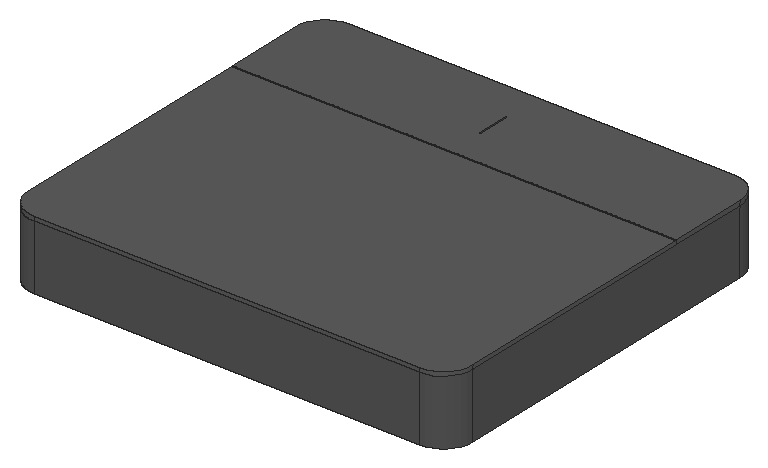
Revit family "Electronics_Commercial-Audio_Biamp_ ThinkSmart_Core", category Communication Devices, host Face, Revit 2020
Family settings
  Host = Face
  Maintain Annotation Orientation = No
  Round Connector Dimension = Use Diameter
  Part Type = Normal
  OmniClass Number = 23.85.00.00
  OmniClass Title = Information and Communication
  Cut with Voids When Loaded = No
  Shared = No
  Room Calculation Point = No
Parameters (values of type "ThinkSmart Core")
  Width = 226 mm  # constant formula
  Weight = 1.10 kgf  # constant formula
  Voltage = 120 V
  Version = 1
  URL = "https://www.biamp.com/"
  Surface-Mount [instance] = not(Mounting Kit)  # yes
  Product data url = "https://bimobject.com/biamp/product/thinksmart-core-and-controller"
  Product Page URL = "https://www.biamp.com/products/product-families/commercial-audio/uc-compute#thinksmart-core"
  Product Documentation Link = "https://downloads.biamp.com/assets/docs/default-source/data-sheets/biamp_data-sheet_ucc-lenovo-tsc-mtr_aug23b.pdf"
  Power Factor = 1
  Number of Poles = 1
  Mounting Kit [instance] = or(Installation Type = Installation Type 2, Installation Type = Installation Type 3)  # no
  Model = "ThinkSmart Core"  # constant formula
  Max Power Consumption = 90 W
  Manufacturer = "Biamp"  # constant formula
  Installation Type 3 = Wall-Mount : Wall-Mount
  Installation Type 2 = Under-Table Mount : Under-Table Mount
  Installation Type 1 = Surface-Mount : Surface-Mount
  Installation Type [instance] = Surface-Mount : Surface-Mount
  Housing Material = Biamp - Metal - Black
  Height = 37.5 mm  # constant formula
  Description = "Lenovo ThinkSmart™ Core"  # constant formula
  Depth = 200 mm  # constant formula
  Default Elevation = 1219.2 mm
  Date Updated = ""
  Date Created = "2023/08/21"
  Connector Description = "Power supply"  # constant formula
  Apparent Load = Max Power Consumption / Power Factor  # 90 VA
Reference planes
  plane 1 "Center (Front/Back)": y = 0
  plane 2: z = 0
  plane 3 "Center (Left/Right)": x = 0
Lines and regions (mm)
  Masking region 1
    outline origin (0, 0, 0) x (1, 0, 0) y (0, 1, 0)
      loop
        arc (-113, -85) -> (-108.607, -95.607) -> (-98, -100) r 15
        line (-98, -100) -> (98, -100)
        arc (98, -100) -> (108.607, -95.607) -> (113, -85) r 15
        line (113, -85) -> (113, 85)
        arc (113, 85) -> (108.607, 95.607) -> (98, 100) r 15
        line (98, 100) -> (-98, 100)
        arc (-98, 100) -> (-108.607, 95.607) -> (-113, 85) r 15
        line (-113, 85) -> (-113, -85)
  Masking region 2, detail levels medium+fine
    outline origin (0, 0, 0) x (1, 0, 0) y (0, 0, 1)
      loop
        line (-113, 37.5) -> (-113, 35.5) -> (113, 35.5) -> (113, 37.5) -> (-113, 37.5)
  Masking region 3, detail levels medium+fine
    outline origin (0, 0, 0) x (1, 0, 0) y (0, 0, 1)
      loop
        line (-113, 2.433) -> (113, 2.433) -> (113, 35.5) -> (-113, 35.5) -> (-113, 2.433)
  Masking region 4, detail levels medium+fine
    outline origin (0, 0, 0) x (1, 0, 0) y (0, 0, 1)
      loop
        line (-63, 0.66) -> (63, 0.66) -> (88.308, 1.558)
        spline (88.308, 1.558) -> (88.981, 1.012) -> (89.758, 0.597) -> (90.615, 0.302) -> (91.533, 0.116) -> (92.488, 0.028) -> (93.46, 0.028) -> (94.424, 0.107) -> (95.349, 0.269) -> (96.197, 0.521) -> (96.932, 0.871) -> (97.518, 1.327) -> (97.917, 1.898)
        line (97.917, 1.898) -> (113, 2.433) -> (-113, 2.433) -> (-97.917, 1.898)
        spline (-97.917, 1.898) -> (-97.518, 1.327) -> (-96.932, 0.871) -> (-96.197, 0.521) -> (-95.349, 0.269) -> (-94.424, 0.107) -> (-93.46, 0.028) -> (-92.488, 0.028) -> (-91.533, 0.116) -> (-90.615, 0.302) -> (-89.758, 0.597) -> (-88.981, 1.012) -> (-88.308, 1.558)
        line (-88.308, 1.558) -> (-63, 0.66)
  Masking region 5, detail levels coarse
    outline origin (0, 0, 0) x (1, 0, 0) y (0, 0, 1)
      loop
        line (-113, 37.5) -> (-113, 0) -> (113, 0) -> (113, 37.5) -> (-113, 37.5)
  Masking region 6, visible <- "Mounting Kit"
    outline origin (0, 0, 0) x (1, 0, 0) y (0, 0, 1)
      loop
        line (79.288, 2.433) -> (-79.288, 2.433) -> (-79.288, 0) -> (79.288, 0) -> (79.288, 2.433)
  symbolic lines, detail levels medium+fine
    curve 1: line (-113, 45, 0) -> (113, 45, 0)
    curve 2: line (113, 44, 0) -> (-113, 44, 0)
    curve 3: line (-88.296, 0, 1.542) -> (-97.917, 0, 1.898)
    curve 4: line (88.308, 0, 1.558) -> (97.917, 0, 1.898)
  symbolic lines
    curve 5: line (99.457, 0, 31.953) -> (-99.698, 0, 31.953)
    curve 6: arc (-99.698, 0, 31.953) -> (-102.173, 0, 30.927) -> (-103.198, 0, 28.453) r 3.5
    curve 7: line (-103.198, 0, 28.453) -> (-103.198, 0, 2.433)
    curve 8: arc (103, 0, 28.409) -> (101.962, 0, 30.915) -> (99.457, 0, 31.953) r 3.543
    curve 9: line (103, 0, 2.433) -> (103, 0, 28.409)
    curve 10: line (103, 0, 2.433) -> (-103.198, 0, 2.433)
    curve 11: arc (-93.134, 0, 20.389) -> (-96.134, 0, 23.389) -> (-99.134, 0, 20.389) r 3
    curve 12: arc (-99.134, 0, 20.389) -> (-96.134, 0, 17.389) -> (-93.134, 0, 20.389) r 3
    curve 13: arc (-70.571, 0, 23.827) -> (-74.571, 0, 27.827) -> (-78.571, 0, 23.827) r 4
    curve 14: arc (-78.571, 0, 23.827) -> (-74.571, 0, 19.827) -> (-70.571, 0, 23.827) r 4
    curve 15: arc (-50.426, 0, 24.139) -> (-53.426, 0, 27.139) -> (-56.426, 0, 24.139) r 3
    curve 16: arc (-56.426, 0, 24.139) -> (-53.426, 0, 21.139) -> (-50.426, 0, 24.139) r 3
    curve 17: arc (-26.494, 0, 23.827) -> (-29.494, 0, 26.827) -> (-32.494, 0, 23.827) r 3
    curve 18: arc (-32.494, 0, 23.827) -> (-29.494, 0, 20.827) -> (-26.494, 0, 23.827) r 3
    curve 19: arc (-13.724, 0, 25.702) -> (-11.683, 0, 23.661) -> (-9.643, 0, 25.702) r 2.041
    curve 20: arc (-9.643, 0, 25.702) -> (-11.683, 0, 27.742) -> (-13.724, 0, 25.702) r 2.041
    curve 21: arc (22.629, 0, 22.889) -> (18.629, 0, 26.889) -> (14.629, 0, 22.889) r 4
    curve 22: arc (14.629, 0, 22.889) -> (18.629, 0, 18.889) -> (22.629, 0, 22.889) r 4
    curve 23: arc (46.283, 0, 23.827) -> (43.283, 0, 26.827) -> (40.283, 0, 23.827) r 3
    curve 24: arc (40.283, 0, 23.827) -> (43.283, 0, 20.827) -> (46.283, 0, 23.827) r 3
    curve 25: arc (66.283, 0, 17.733) -> (63.283, 0, 20.733) -> (60.283, 0, 17.733) r 3
    curve 26: arc (60.283, 0, 17.733) -> (63.283, 0, 14.733) -> (66.283, 0, 17.733) r 3
    curve 27: arc (86.126, 0, 19.608) -> (83.126, 0, 22.608) -> (80.126, 0, 19.608) r 3
    curve 28: arc (80.126, 0, 19.608) -> (83.126, 0, 16.608) -> (86.126, 0, 19.608) r 3
    curve 29: arc (98.048, 0, 18.514) -> (96.007, 0, 20.555) -> (93.967, 0, 18.514) r 2.041
    curve 30: arc (93.967, 0, 18.514) -> (96.007, 0, 16.474) -> (98.048, 0, 18.514) r 2.041
Dimensions and locks
  aligned and locked: plane 2 to host face
  aligned and locked: level to host face
Nested families
  nested 1: "Wall-Mount" at (0, 0, 0), Mounting Kit <- "Mounting Kit", Housing Material <- "Housing Material", Surface Standing <- "Surface-Mount", type "Wall-Mount"
    with Surface Standing yes, Mounting Kit no, Housing Material Biamp - Metal - Black
Connectors
  electrical at (95.951, 44, 17.66)
    settings: on nested 1, index 1, voltage 0 V, apparent load 0 VA, apparent load phase1 0 VA, apparent load phase2 0 VA, apparent load phase3 0 VA, power factor 1, load classification "Other", number of poles 1, system type 5, power factor state 1, is connector primary yes, connector utility no, sub classification motor no, connector description "USB-C 3.2 Gen 1"
  electrical at (83.128, 44, 19.685)
    settings: on nested 1, index 2, voltage 0 V, apparent load 0 VA, apparent load phase1 0 VA, apparent load phase2 0 VA, apparent load phase3 0 VA, power factor 1, load classification "Other", number of poles 1, system type 5, power factor state 1, is connector primary no, connector utility no, sub classification motor no, connector description "USB-A 3.2 Gen 1"
  electrical at (63.402, 44, 17.452)
    settings: on nested 1, index 3, voltage 0 V, apparent load 0 VA, apparent load phase1 0 VA, apparent load phase2 0 VA, apparent load phase3 0 VA, power factor 1, load classification "Other", number of poles 1, system type 5, power factor state 1, is connector primary no, connector utility no, sub classification motor no, connector description "HDMI Output"
  electrical at (42.692, 44, 22.671)
    settings: on nested 1, index 4, voltage 0 V, apparent load 0 VA, apparent load phase1 0 VA, apparent load phase2 0 VA, apparent load phase3 0 VA, power factor 1, load classification "Other", number of poles 1, system type 5, power factor state 1, is connector primary no, connector utility no, sub classification motor no, connector description "USB-A 3.2 Gen 2"
  electrical at (18.629, 44, 19.25)
    settings: on nested 1, index 5, voltage 0 V, apparent load 0 VA, apparent load phase1 0 VA, apparent load phase2 0 VA, apparent load phase3 0 VA, power factor 1, load classification "Other", number of poles 1, system type 5, power factor state 1, is connector primary no, connector utility no, sub classification motor no, connector description "RJ-45 Ethernet"
  electrical at (-11.848, 44, 24.05)
    settings: on nested 1, index 6, voltage 0 V, apparent load 0 VA, apparent load phase1 0 VA, apparent load phase2 0 VA, apparent load phase3 0 VA, power factor 1, load classification "Other", number of poles 1, system type 5, power factor state 1, is connector primary no, connector utility no, sub classification motor no, connector description "USB-C (Thunderbolt™ 4)"
  electrical at (-29.567, 44, 22.671)
    settings: on nested 1, index 7, voltage 0 V, apparent load 0 VA, apparent load phase1 0 VA, apparent load phase2 0 VA, apparent load phase3 0 VA, power factor 1, load classification "Other", number of poles 1, system type 5, power factor state 1, is connector primary no, connector utility no, sub classification motor no, connector description "USB-A 3.2 Gen 2"
  electrical at (-74.567, 44, 22.671), driven by "Power Factor", driven by "Apparent Load", driven by "Voltage", driven by "Number of Poles", driven by "Connector Description"
    settings: on nested 1, index 9, voltage 120 V, apparent load 0 VA, apparent load phase1 90 VA, apparent load phase2 0 VA, apparent load phase3 0 VA, power factor 1, load classification "Power", number of poles 1, system type 31, power factor state 1, is connector primary no, connector utility no, sub classification motor no, connector description "Power supply"
  electrical at (-53.533, 44, 22.452)
    settings: on nested 1, index 10, voltage 0 V, apparent load 0 VA, apparent load phase1 0 VA, apparent load phase2 0 VA, apparent load phase3 0 VA, power factor 1, load classification "Other", number of poles 1, system type 5, power factor state 1, is connector primary no, connector utility no, sub classification motor no, connector description "HDMI Output"
  electrical at (-96.239, 44, 19.06)
    settings: on nested 1, index 11, voltage 0 V, apparent load 0 VA, apparent load phase1 0 VA, apparent load phase2 0 VA, apparent load phase3 0 VA, power factor 1, load classification "Other", number of poles 1, system type 5, power factor state 1, is connector primary no, connector utility no, sub classification motor no, connector description "HDMI Input"
Definition of nested family "Wall-Mount"
  Parameters (values of type "Wall-Mount")
    Surface Standing [instance] = yes
    Mounting Kit [instance] = yes
    Housing Material [instance] = none
    Height = 0 mm
    Default Elevation = 1219.2 mm
  Reference planes
    plane 1 "Center (Front/Back)": y = 0
    plane 2: z = 0
    plane 3 "Center (Left/Right)": x = 0
  Forms (mm)
    Extrusion 1, solid, detail levels medium+fine
      sketch origin (0, 0, 0) x (1, 0, 0) y (0, 1, 0)
        loop
          arc (-98, 100) -> (-108.607, 95.607) -> (-113, 85) r 15
          line (-113, 85) -> (-113, -85)
          arc (-113, -85) -> (-108.607, -95.607) -> (-98, -100) r 15
          line (-98, -100) -> (98, -100)
          arc (98, -100) -> (108.607, -95.607) -> (113, -85) r 15
          line (113, -85) -> (113, 85)
          arc (113, 85) -> (108.607, 95.607) -> (98, 100) r 15
          line (98, 100) -> (-98, 100)
      from 2.433 to 35.5
    Extrusion 2, solid, material <- "Housing Material", detail levels medium+fine
      sketch origin (0, 0, 0) x (1, 0, 0) y (0, 1, 0)
        loop
          arc (-98, 100) -> (-108.607, 95.607) -> (-113, 85) r 15
          line (-113, 85) -> (-113, 45) -> (113, 45) -> (113, 85)
          arc (113, 85) -> (108.607, 95.607) -> (98, 100) r 15
          line (98, 100) -> (-98, 100)
        loop
          arc (-113, -85) -> (-108.607, -95.607) -> (-98, -100) r 15
          line (-98, -100) -> (98, -100)
          arc (98, -100) -> (108.607, -95.607) -> (113, -85) r 15
          line (113, -85) -> (113, 44) -> (-113, 44) -> (-113, -85)
      from 35.5 to 37.5
    Revolve 3, solid, visible <- "Surface Standing", detail levels medium+fine
      sketch origin (-93, 2.098, 0) x (0, 1, 0) y (0, 0, 1)
        loop
          line (-82.098, 2.067) -> (-87.098, 2.067)
          spline (-87.098, 2.067) -> (-86.915, 1.737) -> (-86.69, 1.435) -> (-86.422, 1.163) -> (-86.111, 0.919) -> (-85.758, 0.703) -> (-85.363, 0.517) -> (-84.925, 0.359) -> (-84.445, 0.23) -> (-83.922, 0.129) -> (-83.356, 0.057) -> (-82.748, 0.014) -> (-82.098, 0)
          line (-82.098, 0) -> (-82.098, 2.067)
        axis (-82.098, 0) -> (-82.098, 2.067)
      angle from 0 to 360
    Blend 4, solid, detail levels medium+fine
      base sketch origin (0, 0, 0) x (1, 0, 0) y (0, 1, 0)
        loop
          line (-63, 47) -> (-63, -47)
          arc (-63, -47) -> (-62.121, -49.121) -> (-60, -50) r 3
          line (-60, -50) -> (60, -50)
          arc (60, -50) -> (62.121, -49.121) -> (63, -47) r 3
          line (63, -47) -> (63, 47)
          arc (63, 47) -> (62.121, 49.121) -> (60, 50) r 3
          line (60, 50) -> (-60, 50)
          arc (-60, 50) -> (-62.121, 49.121) -> (-63, 47) r 3
      top sketch origin (0, 0, 0) x (1, 0, 0) y (0, 1, 0)
        loop
          arc (-98, 100) -> (-108.607, 95.607) -> (-113, 85) r 15
          line (-113, 85) -> (-113, -85)
          arc (-113, -85) -> (-108.607, -95.607) -> (-98, -100) r 15
          line (-98, -100) -> (98, -100)
          arc (98, -100) -> (108.607, -95.607) -> (113, -85) r 15
          line (113, -85) -> (113, 85)
          arc (113, 85) -> (108.607, 95.607) -> (98, 100) r 15
          line (98, 100) -> (-98, 100)
      from 0.66 to 2.433
    Revolve 5, solid, visible <- "Surface Standing", detail levels medium+fine
      sketch origin (-93, -2.098, 0) x (0, -1, 0) y (0, 0, -1)
        loop
          line (-82.098, -2.067) -> (-82.098, 0)
          spline (-82.098, 0) -> (-82.748, -0.014) -> (-83.356, -0.057) -> (-83.922, -0.129) -> (-84.445, -0.23) -> (-84.925, -0.359) -> (-85.363, -0.517) -> (-85.758, -0.703) -> (-86.111, -0.919) -> (-86.422, -1.163) -> (-86.69, -1.435) -> (-86.915, -1.737) -> (-87.098, -2.067)
          line (-87.098, -2.067) -> (-82.098, -2.067)
        axis (-82.098, 0) -> (-82.098, -2.067)
      angle from 0 to 360
    Revolve 6, solid, visible <- "Surface Standing", detail levels medium+fine
      sketch origin (93, 2.098, 0) x (0, 1, 0) y (0, 0, -1)
        loop
          line (-82.098, -2.067) -> (-82.098, 0)
          spline (-82.098, 0) -> (-82.748, -0.014) -> (-83.356, -0.057) -> (-83.922, -0.129) -> (-84.445, -0.23) -> (-84.925, -0.359) -> (-85.363, -0.517) -> (-85.758, -0.703) -> (-86.111, -0.919) -> (-86.422, -1.163) -> (-86.69, -1.435) -> (-86.915, -1.737) -> (-87.098, -2.067)
          line (-87.098, -2.067) -> (-82.098, -2.067)
        axis (-82.098, 0) -> (-82.098, -2.067)
      angle from 0 to 360
    Revolve 7, solid, visible <- "Surface Standing", detail levels medium+fine
      sketch origin (93, -2.098, 0) x (0, -1, 0) y (0, 0, 1)
        loop
          line (-82.098, 2.067) -> (-87.098, 2.067)
          spline (-87.098, 2.067) -> (-86.915, 1.737) -> (-86.69, 1.435) -> (-86.422, 1.163) -> (-86.111, 0.919) -> (-85.758, 0.703) -> (-85.363, 0.517) -> (-84.925, 0.359) -> (-84.445, 0.23) -> (-83.922, 0.129) -> (-83.356, 0.057) -> (-82.748, 0.014) -> (-82.098, 0)
          line (-82.098, 0) -> (-82.098, 2.067)
        axis (-82.098, 0) -> (-82.098, 2.067)
      angle from 0 to 360
    Extrusion 8, solid, material <- "Housing Material", detail levels coarse
      sketch origin (0, 0, 0) x (1, 0, 0) y (0, 1, 0)
        loop
          arc (-98, 100) -> (-108.607, 95.607) -> (-113, 85) r 15
          line (-113, 85) -> (-113, -85)
          arc (-113, -85) -> (-108.607, -95.607) -> (-98, -100) r 15
          line (-98, -100) -> (98, -100)
          arc (98, -100) -> (108.607, -95.607) -> (113, -85) r 15
          line (113, -85) -> (113, 85)
          arc (113, 85) -> (108.607, 95.607) -> (98, 100) r 15
          line (98, 100) -> (-98, 100)
      from 0 to 37.5
    Extrusion 9, solid, not visible
      sketch origin (0, 0, -18.75) x (1, 0, 0) y (0, 0, 1)
        loop
          arc (94.288, 34.62) -> (95.951, 32.957) -> (97.614, 34.62) r 1.663
          line (97.614, 34.62) -> (97.614, 38.2)
          arc (97.614, 38.2) -> (95.951, 39.862) -> (94.288, 38.2) r 1.663
          line (94.288, 38.2) -> (94.288, 34.62)
        loop
          line (79.802, 43.689) -> (79.802, 33.181) -> (86.453, 33.181) -> (86.453, 43.689) -> (79.802, 43.689)
        loop
          line (70.252, 33.181) -> (70.252, 36.618) -> (68.065, 38.806) -> (58.739, 38.806) -> (56.552, 36.618) -> (56.552, 33.181) -> (70.252, 33.181)
        loop
          line (49.276, 38.181) -> (49.276, 44.66) -> (36.107, 44.66) -> (36.107, 38.181) -> (49.276, 38.181)
        loop
          line (27.275, 44.66) -> (9.983, 44.66) -> (9.983, 36.28) -> (14.983, 36.28) -> (14.983, 34.779) -> (22.275, 34.779) -> (22.275, 36.28) -> (27.275, 36.28) -> (27.275, 44.66)
        loop
          line (-9.01, 44.348) -> (-14.686, 44.348)
          arc (-14.686, 44.348) -> (-16.233, 42.8) -> (-14.686, 41.253) r 1.547
          line (-14.686, 41.253) -> (-9.01, 41.253)
          arc (-9.01, 41.253) -> (-7.463, 42.8) -> (-9.01, 44.348) r 1.547
        loop
          line (-36.151, 38.181) -> (-22.982, 38.181) -> (-22.982, 44.66) -> (-36.151, 44.66) -> (-36.151, 38.181)
        loop
          line (-81.151, 38.181) -> (-67.982, 38.181) -> (-67.982, 44.66) -> (-81.151, 44.66) -> (-81.151, 38.181)
        loop
          line (-46.683, 38.181) -> (-46.683, 41.618) -> (-48.87, 43.806) -> (-58.196, 43.806) -> (-60.383, 41.618) -> (-60.383, 38.181) -> (-46.683, 38.181)
        loop
          line (-99.26, 30.96) -> (-95.823, 30.96) -> (-93.635, 33.147) -> (-93.635, 42.473) -> (-95.823, 44.66) -> (-99.26, 44.66) -> (-99.26, 30.96)
      from -44 to -43.672
    Extrusion 10, solid, material <- "Housing Material", visible <- "Mounting Kit"
      sketch origin (0, 0, 0) x (1, 0, 0) y (0, 1, 0)
        loop
          line (-79.288, 100) -> (-79.288, -100) -> (79.288, -100) -> (79.288, 100) -> (-79.288, 100)
        loop
          circle (-61.378, -55.551) r 3
        loop
          circle (61.378, -55.551) r 3
        loop
          circle (-61.378, 55.551) r 3
        loop
          circle (61.378, 55.551) r 3
      from 0 to 2.433
    Extrusion 11, void
      sketch origin (0, 0, 0) x (1, 0, 0) y (0, 0, 1)
        loop
          line (103, 2.433) -> (103, 28.409)
          arc (103, 28.409) -> (101.962, 30.915) -> (99.457, 31.953) r 3.543
          line (99.457, 31.953) -> (-99.698, 31.953)
          arc (-99.698, 31.953) -> (-102.173, 30.927) -> (-103.198, 28.453) r 3.5
          line (-103.198, 28.453) -> (-103.198, 2.433) -> (103, 2.433)
      from -112.905 to -97.004
    Extrusion 12, void
      sketch origin (0, 0, -8.125) x (1, 0, 0) y (0, 0, 1)
        loop
          arc (94.288, 23.995) -> (95.951, 22.332) -> (97.614, 23.995) r 1.663
          line (97.614, 23.995) -> (97.614, 27.575)
          arc (97.614, 27.575) -> (95.951, 29.237) -> (94.288, 27.575) r 1.663
          line (94.288, 27.575) -> (94.288, 23.995)
        loop
          line (79.802, 33.064) -> (79.802, 22.556) -> (86.453, 22.556) -> (86.453, 33.064) -> (79.802, 33.064)
        loop
          line (70.252, 22.556) -> (70.252, 25.993) -> (68.065, 28.181) -> (58.739, 28.181) -> (56.552, 25.993) -> (56.552, 22.556) -> (70.252, 22.556)
        loop
          line (49.276, 27.556) -> (49.276, 34.035) -> (36.107, 34.035) -> (36.107, 27.556) -> (49.276, 27.556)
        loop
          line (27.275, 34.035) -> (9.983, 34.035) -> (9.983, 25.655) -> (14.983, 25.655) -> (14.983, 24.154) -> (22.275, 24.154) -> (22.275, 25.655) -> (27.275, 25.655) -> (27.275, 34.035)
        loop
          line (-9.01, 33.723) -> (-14.686, 33.723)
          arc (-14.686, 33.723) -> (-16.233, 32.175) -> (-14.686, 30.628) r 1.547
          line (-14.686, 30.628) -> (-9.01, 30.628)
          arc (-9.01, 30.628) -> (-7.463, 32.175) -> (-9.01, 33.723) r 1.547
        loop
          line (-36.151, 27.556) -> (-22.982, 27.556) -> (-22.982, 34.035) -> (-36.151, 34.035) -> (-36.151, 27.556)
        loop
          line (-81.151, 27.556) -> (-67.982, 27.556) -> (-67.982, 34.035) -> (-81.151, 34.035) -> (-81.151, 27.556)
        loop
          line (-46.683, 27.556) -> (-46.683, 30.993) -> (-48.87, 33.181) -> (-58.196, 33.181) -> (-60.383, 30.993) -> (-60.383, 27.556) -> (-46.683, 27.556)
        loop
          line (-99.26, 20.335) -> (-95.823, 20.335) -> (-93.635, 22.522) -> (-93.635, 31.848) -> (-95.823, 34.035) -> (-99.26, 34.035) -> (-99.26, 20.335)
      from -97.004 to -44
  Cuts and joins
    Extrusion 11 cuts Extrusion 10
    Extrusion 11, Extrusion 12 cuts Extrusion 1
    Extrusion 11, Extrusion 12 cuts Extrusion 8
  Lines and regions (mm)
    model lines, detail levels medium+fine
      curve 1: line (113, 44, 35.5) -> (113, 56.271, 2.433)
      curve 2: line (-113, 56.271, 2.433) -> (-113, 44, 35.5)
  Dimensions and locks
    aligned and locked: level to plane 2
